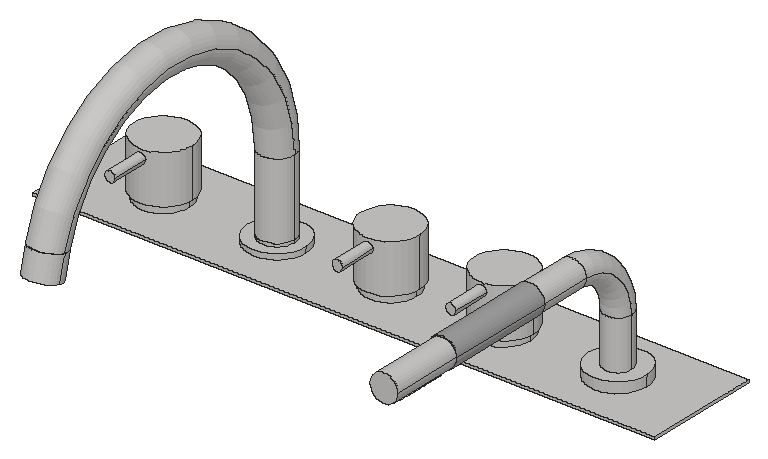
Revit family "BK13", category Generic Models, Revit 2021
Family settings
  Can host rebar = No
  Round Connector Dimension = Use Diameter
  Part Type = Normal
  Work Plane-Based = No
  Always vertical = Yes
  Cut with Voids When Loaded = No
  Shared = No
  Room Calculation Point = No
Parameters (values of type "Standard")
  e-mail = "info@vola.com"
  URL = "http://vola.com"
  Telephone = "+45 7023 5500"
  Quality management standard = "ISO 9001"
  Organisation no. / DUNS no. = "17531328"
  Occupational health and safety management standard = "ISO 18001"
  Mounting Instructions = "http://vola.com/service/producturl.ashx?name=BK13"
  Model = "BK13"
  Materials and components information = "http://vola.com/service/producturl.ashx?name=BK13"
  Manufacturer = "VOLA A/S"
  Maintenance Instructions = "http://vola.com/service/producturl.ashx?name=BK13"
  Guarantee = "2 years"
  Flow = "30,00 l/min"
  Environmental management standard = "ISO 14000"
  Default Elevation = 0.0000 mm
  Connection - All relevant connections = "½\" flexible hose"
  Approvals = "http://vola.com/service/producturl.ashx?name=BK13"
Reference planes
  plane 1 "Center (Front/Back)": y = 0
  plane 2: z = 0
  plane 3 "Center (Left/Right)": x = 0
Forms (mm)
  Extrusion 1, solid, material "Stainless Steel"
    sketch origin (117, 0, 6.5) x (1, 0, 0) y (0, 1, 0)
      loop
        line (-330.5, 40) -> (-330.5, -40) -> (96.5, -40) -> (96.5, 40) -> (-330.5, 40)
    from -6.5 to -4.5
  Extrusion 2, solid, material "Stainless Steel"
    sketch origin (78, 0, 0) x (1, 0, 0) y (0, 1, 0)
      loop
        circle (0, 0) r 20
    from 7 to 40.5
  Extrusion 3, solid, material "Stainless Steel"
    sketch origin (78, 0, 0) x (1, 0, 0) y (0, 1, 0)
      loop
        circle (0, 0) r 18
    from 2 to 7
  Extrusion 4, solid, material "Stainless Steel"
    sketch origin (78, 0, 0.75) x (1, 0, 0) y (0, 0, 1)
      loop
        circle (0, 34.5) r 3.5
    from 19 to 45.5
  Extrusion 5, solid, material "Stainless Steel"
    sketch origin (-78, 0, 2) x (1, 0, 0) y (0, 1, 0)
      loop
        circle (0, 0) r 20
    from 0 to 3.5
  Extrusion 6, solid, material "Stainless Steel"
    sketch origin (-78, 0, 5.5) x (1, 0, 0) y (0, 1, 0)
      loop
        circle (0, 0) r 12
    from 0 to 2
  Sweep 7, solid, material "Stainless Steel"
    path origin (-78, 0, 0) x (0, 1, 0) y (0, 0, 1)
      loop
        line (0, 7.5) -> (0, 59.5)
        arc (0, 59.5) -> (-86.947, 158.644) -> (-196.593, 85.382) r 100
    profile origin (-78, 0, 33.5) x (0, -1, 0) y (1, 0, 0)
      loop
        circle (0, 0) r 12
  Extrusion 8, solid, material "Stainless Steel"
    sketch origin (-78, -196.593, 85.382) x (1, 0, 0) y (0, -0.965926, 0.258819)
      loop
        circle (0, 0) r 11.5
    from 0 to 0.5
  Extrusion 9, solid, material "Stainless Steel"
    sketch origin (-78, -196.722, 84.899) x (1, 0, 0) y (0, -0.965926, 0.258819)
      loop
        circle (0, 0) r 12
    from 0 to 17.2
  Extrusion 10, solid, material "Stainless Steel"
    sketch origin (0, 0, 0) x (1, 0, 0) y (0, 1, 0)
      loop
        circle (0, 0) r 20
    from 7 to 40.5
  Extrusion 11, solid, material "Stainless Steel"
    sketch origin (0, 0, 0) x (1, 0, 0) y (0, 1, 0)
      loop
        circle (0, 0) r 18
    from 2 to 7
  Extrusion 12, solid, material "Stainless Steel"
    sketch origin (-156, 0, 0) x (1, 0, 0) y (0, 1, 0)
      loop
        circle (0, 0) r 20
    from 7 to 40.5
  Extrusion 13, solid, material "Stainless Steel"
    sketch origin (-156, 0, 0) x (1, 0, 0) y (0, 1, 0)
      loop
        circle (0, 0) r 18
    from 2 to 7
  Extrusion 14, solid, material "Stainless Steel"
    sketch origin (0, 0, 0) x (1, 0, 0) y (0, 0, 1)
      loop
        circle (0, 34.5) r 3.5
    from 19 to 45.5
  Extrusion 15, solid, material "Stainless Steel"
    sketch origin (-156, 0, 0) x (1, 0, 0) y (0, 0, 1)
      loop
        circle (0, 34.5) r 3.5
    from 19 to 45.5
  Extrusion 16, solid, material "Stainless Steel"
    sketch origin (156, 0, 2) x (1, 0, 0) y (0, 1, 0)
      loop
        circle (0, 0) r 20
    from 0 to 7
  Sweep 17, solid, material "Stainless Steel"
    path origin (156, 0, 2) x (0, 1, 0) y (0, 0, 1)
      loop
        line (0, 7) -> (0, 40.5)
        arc (0, 40.5) -> (-11.569, 68.431) -> (-39.5, 80) r 39.5
        line (-39.5, 80) -> (-75.5, 80)
    profile origin (156, 0, 25.75) x (0, -1, 0) y (1, 0, 0)
      loop
        circle (0, 0) r 9.5
  Extrusion 18, solid, material "Grey Coating"
    sketch origin (156, -75.5, 82) x (1, 0, 0) y (0, 0, 1)
      loop
        circle (0, 0) r 10
    from 0 to 75
  Extrusion 19, solid, material "Stainless Steel"
    sketch origin (156, -150.5, 82) x (1, 0, 0) y (0, 0, 1)
      loop
        circle (0, 0) r 9.5
    from 0 to 50
  Extrusion 20, solid, material "Stainless Steel"
    sketch origin (156, 9.25, 64.884) x (1, 0, 0) y (0, 1, 0)
      loop
        circle (0, -200.45) r 1.225
      loop
        circle (0, -195.95) r 1.225
      loop
        circle (0, -191.45) r 1.225
      loop
        circle (0, -186.95) r 1.225
      loop
        circle (0, -182.45) r 1.225
      loop
        circle (0, -177.95) r 1.225
      loop
        circle (0, -173.45) r 1.225
      loop
        circle (0, -168.95) r 1.225
    from 7.116 to 10.217
  Extrusion 21, solid, material "Stainless Steel"
    sketch origin (164.298, 9.25, 67.03) x (-0.87462, 0, -0.48481) y (0, -1, 0)
      loop
        circle (0, 200.45) r 1.225
      loop
        circle (0, 195.95) r 1.225
      loop
        circle (0, 191.45) r 1.225
      loop
        circle (0, 186.95) r 1.225
      loop
        circle (0, 182.45) r 1.225
      loop
        circle (0, 177.95) r 1.225
      loop
        circle (0, 173.45) r 1.225
      loop
        circle (0, 168.95) r 1.225
    from 7.116 to 10.217
  Extrusion 22, solid, material "Stainless Steel"
    sketch origin (147.702, 9.25, 67.03) x (0.87462, 0, -0.48481) y (0, 1, 0)
      loop
        circle (0, -200.45) r 1.225
      loop
        circle (0, -195.95) r 1.225
      loop
        circle (0, -191.45) r 1.225
      loop
        circle (0, -186.95) r 1.225
      loop
        circle (0, -182.45) r 1.225
      loop
        circle (0, -177.95) r 1.225
      loop
        circle (0, -173.45) r 1.225
      loop
        circle (0, -168.95) r 1.225
    from 7.116 to 10.217
Cuts and joins
  joined: Extrusion 12, Extrusion 15
  joined: Extrusion 10, Extrusion 14
  joined: Extrusion 2, Extrusion 4
  joined: Extrusion 19, Extrusion 20, Extrusion 21, Extrusion 22
Lines and regions (mm)
  model lines
    curve 1: line (84.05, 19.141, 40.5) -> (84.05, -19.141, 40.5)
    curve 2: line (71.95, 19.141, 40.5) -> (71.95, -19.141, 40.5)
Dimensions and locks
  aligned and locked: plane 2 to level
